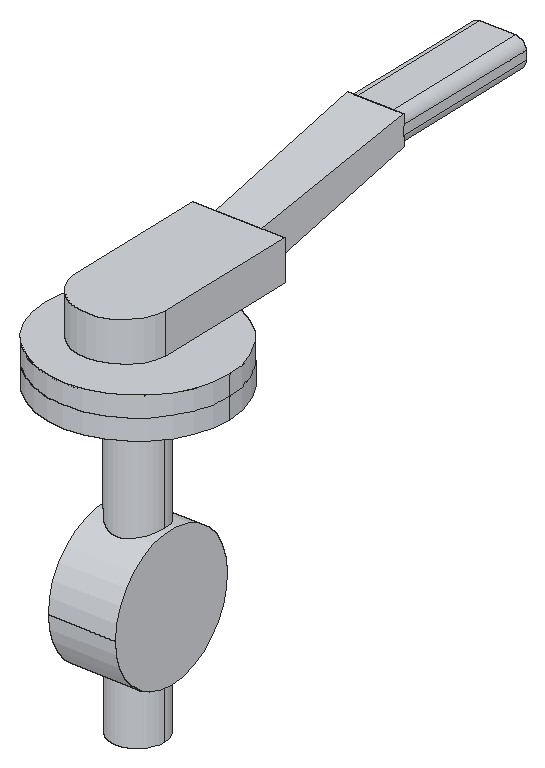
Revit family "HS497-67_disk-litina-s pákou DN032-RFA_2018", category Pipe Accessories, Revit 2018
Family settings
  Round Connector Dimension = Use Diameter
  Part Type = Valve - Breaks Into
  Work Plane-Based = No
  Always vertical = Yes
  Cut with Voids When Loaded = No
  Shared = No
Parameters (values of type "HS 497-67_DN032_PN16_s pákou")
  magiProductId = "9ad8088d610749a1b871aa2aad8007"
  magiProductFamilyId = "53cea81e6f374d17b8841d9c72ad77"
  magiPartTypeId = 305
  isMeasuringValve [instance] = no
  ang2D [instance] = 0.00°
  X11 = 61.456 mm
  X1 = 25.456 mm
  W2D = 1000 mm
  VersionID = "2.0/2017.9.26.1/ZETKAMA_497_001"
  Use Minimum Symbol Size [instance] = yes
  URL = "http://www.hydronic.cz"
  Type Comments = "mezipřírubová; litinový disk; PN16; -10~+110°C (krátkodobě +120°C)"
  SW30 = no
  SW3 = no
  SW21 = no
  SW20 = yes
  SW2 = yes
  SW1 = no
  R = 16 mm
  QmdConnectorList = "301;D;302;D"
  Productdata [instance] = ""
  NC = 50 mm
  Model = ""
  Manufacturer = "Hydronic Systems Prague s.r.o."
  MM20 = 25.456 mm
  MC Product Code = "120 032 (litinový disk, s pákou; DN32; PN16, kvs78)"
  M41 = 66 mm
  M4 = 44 mm
  LHL = 220 mm
  LHH3 = 2.45 mm
  LHH1 = 46.55 mm
  LH1 = 73.333 mm
  L4R__ve = -L4R  # -12.8 mm
  L4R = 12.8 mm
  L42__ve = -L42  # -96 mm
  L42 = 96 mm
  L41__ve = -L41  # -19.2 mm
  L41 = 19.2 mm
  L2D_Min = 3048 mm
  L2D = 216 mm
  L2 = 16.5 mm
  L1 = 26.4 mm
  L = 33 mm
  H = 30 mm
  G22 = 11.25 mm
  G2 = 22.5 mm
  G1 = 90 mm
  G = 90 mm
  F = 11 mm
  E44 = 31.25 mm
  E42 = 62.5 mm
  E4 = 125 mm
  E23 = 4.9 mm
  E22 = 19.6 mm
  E21 = 9.8 mm
  Description = "Mezipřírubová uzavírací klapka s pákou; litinový disk, DN32; PN16; kvs78"
  DR2 = 16 mm
  DR = 68 mm
  DD1 = 15.625 mm
  DD = 12.5 mm
  D = 32 mm
  CAT0 = yes
  B2__ve = -B2  # -44.2 mm
  B2 = 44.2 mm
  A2 = 10.25 mm
  A1 = 76.25 mm
Types (43, lengths in mm): name | magiProductId | X11 | X1 | Type Comments | SW30 | SW3 | SW20 | SW2 | SW1 | R | NC | MM20 | MC Product Code | M41 | M4 | LHL | LHH3 | LHH1 | LH1 | L4R__ve | L4R | L42__ve | L42 | L41__ve | L41 | L2 | L1 | L | H | G | F | E44 | E42 | E4 | E23 | E22 | E21 | Description | DR2 | DR | DD1 | DD | D | B2__ve | B2 | A2 | A1
  HS 497-67_DN100_PN16_volné vřeteno | "65d1b245f4f142c78569c0602d5754" | 61.456 | 25.456 | "mezipřírubová; litinový disk; PN16; -10~+110°C (krátkodobě +120°C)" | no | no | no | no | yes | 50 | 50 | 25.456 | "123 100 (litinový disk, s volným vřetenem; DN100; PN16, kvs512)" | 66 | 44 | 220 | 2.45 | 46.55 | 73.333 | -12.8 | 12.8 | -96 | 96 | -19.2 | 19.2 | 26 | 41.6 | 52 | 30 | 90 | 11 | 31.25 | 62.5 | 125 | 4.9 | 19.6 | 9.8 | "Mezipřírubová uzavírací klapka s volným vřetenem; litinový disk, DN100; PN16; kvs512" | 50 | 147 | 15.625 | 12.5 | 100 | -56 | 56 | 16.5 | 98.5
  HS 497-67_DN100_PN16_převodové kolo | "11e91b807e674d428c8e796fcdcfe2" | 61.456 | 25.456 | "mezipřírubová; litinový disk; PN16; -10~+110°C (krátkodobě +120°C)" | yes | yes | no | no | no | 50 | 50 | 25.456 | "125 100 (litinový disk, s převodovým kolem; DN100; PN16, kvs512)" | 65.25 | 43.5 | 220 | 2.45 | 46.55 | 73.333 | -12.8 | 12.8 | -96 | 96 | -19.2 | 19.2 | 26 | 41.6 | 52 | 30 | 90 | 11 | 31.25 | 62.5 | 125 | 4.9 | 19.6 | 9.8 | "Mezipřírubová uzavírací klapka s převodovým kolem; litinový disk, DN100; PN16; kvs512" | 50 | 147 | 15.625 | 12.5 | 100 | -56 | 56 | 16.5 | 98.5
  HS 497-67_DN100_PN16_s pákou | "28172f0b3f4b47b28323ac71cf8749" | 61.456 | 25.456 | "mezipřírubová; litinový disk; PN16; -10~+110°C (krátkodobě +120°C)" | no | no | yes | yes | no | 50 | 50 | 25.456 | "120 100 (litinový disk, s pákou; DN100; PN16, kvs512)" | 66 | 44 | 260 | 3 | 57 | 86.667 | -12.8 | 12.8 | -96 | 96 | -19.2 | 19.2 | 26 | 41.6 | 52 | 30 | 90 | 11 | 31.25 | 62.5 | 125 | 6 | 24 | 12 | "Mezipřírubová uzavírací klapka s pákou; litinový disk, DN100; PN16; kvs512" | 50 | 147 | 15.625 | 12.5 | 100 | -56 | 56 | 16.5 | 98.5
  HS 497-67_DN125_PN16_volné vřeteno | "0d813d910fc14f628bb3c2efbd185c" | 61.456 | 25.456 | "mezipřírubová; litinový disk; PN16; -10~+110°C (krátkodobě +120°C)" | no | no | no | no | yes | 62.5 | 50 | 25.456 | "123 125 (litinový disk, s volným vřetenem; DN125; PN16, kvs872)" | 66 | 44 | 220 | 2.45 | 46.55 | 73.333 | -12.8 | 12.8 | -96 | 96 | -19.2 | 19.2 | 28 | 44.8 | 56 | 33 | 90 | 14 | 31.25 | 62.5 | 125 | 4.9 | 19.6 | 9.8 | "Mezipřírubová uzavírací klapka s volným vřetenem; litinový disk, DN125; PN16; kvs872" | 62.5 | 180 | 15.625 | 12.5 | 125 | -64 | 64 | 18 | 99.5
  HS 497-67_DN125_PN16_převodové kolo | "c56b7c13f372467684996fb1e0e229" | 61.456 | 25.456 | "mezipřírubová; litinový disk; PN16; -10~+110°C (krátkodobě +120°C)" | yes | yes | no | no | no | 62.5 | 50 | 25.456 | "125 125 (litinový disk, s převodovým kolem; DN125; PN16, kvs872)" | 65.25 | 43.5 | 220 | 2.45 | 46.55 | 73.333 | -13.5 | 13.5 | -101.25 | 101.25 | -20.25 | 20.25 | 28 | 44.8 | 56 | 33 | 90 | 14 | 40 | 80 | 160 | 4.9 | 19.6 | 9.8 | "Mezipřírubová uzavírací klapka s převodovým kolem; litinový disk, DN125; PN16; kvs872" | 62.5 | 180 | 20 | 16 | 125 | -64 | 64 | 18 | 99.5
  HS 497-67_DN125_PN16_s pákou | "105993c79a91492399feef7931321a" | 61.456 | 25.456 | "mezipřírubová; litinový disk; PN16; -10~+110°C (krátkodobě +120°C)" | no | no | yes | yes | no | 62.5 | 50 | 25.456 | "120 125 (litinový disk, s pákou; DN125; PN16, kvs872)" | 66 | 44 | 315 | 3.75 | 71.25 | 105 | -12.8 | 12.8 | -96 | 96 | -19.2 | 19.2 | 28 | 44.8 | 56 | 33 | 90 | 14 | 31.25 | 62.5 | 125 | 7.5 | 30 | 15 | "Mezipřírubová uzavírací klapka s pákou; litinový disk, DN125; PN16; kvs872" | 62.5 | 180 | 15.625 | 12.5 | 125 | -64 | 64 | 18 | 99.5
  HS 497-67_DN150_PN16_volné vřeteno | "50c80cb8ab434f55ab7796e5ac1331" | 61.456 | 25.456 | "mezipřírubová; litinový disk; PN16; -10~+110°C (krátkodobě +120°C)" | no | no | no | no | yes | 75 | 50 | 25.456 | "123 150 (litinový disk, s volným vřetenem; DN150; PN16, kvs1347)" | 66 | 44 | 220 | 2.45 | 46.55 | 73.333 | -12.8 | 12.8 | -96 | 96 | -19.2 | 19.2 | 28 | 44.8 | 56 | 33 | 90 | 14 | 31.25 | 62.5 | 125 | 4.9 | 19.6 | 9.8 | "Mezipřírubová uzavírací klapka s volným vřetenem; litinový disk, DN150; PN16; kvs1347" | 75 | 206 | 15.625 | 12.5 | 150 | -58 | 58 | 19.3 | 98.7
  HS 497-67_DN150_PN16_převodové kolo | "d94a1a0cf83b476eb10011b327f709" | 61.456 | 25.456 | "mezipřírubová; litinový disk; PN16; -10~+110°C (krátkodobě +120°C)" | yes | yes | no | no | no | 75 | 50 | 25.456 | "125 150 (litinový disk, s převodovým kolem; DN150; PN16, kvs1347)" | 65.25 | 43.5 | 220 | 2.45 | 46.55 | 73.333 | -13.5 | 13.5 | -101.25 | 101.25 | -20.25 | 20.25 | 28 | 44.8 | 56 | 33 | 90 | 14 | 40 | 80 | 160 | 4.9 | 19.6 | 9.8 | "Mezipřírubová uzavírací klapka s převodovým kolem; litinový disk, DN150; PN16; kvs1347" | 75 | 206 | 20 | 16 | 150 | -58 | 58 | 19.3 | 98.7
  HS 497-67_DN150_PN16_s pákou | "4d2835523fe84828bc50ff0a5a0dfb" | 61.456 | 25.456 | "mezipřírubová; litinový disk; PN16; -10~+110°C (krátkodobě +120°C)" | no | no | yes | yes | no | 75 | 50 | 25.456 | "120 150 (litinový disk, s pákou; DN150; PN16, kvs1347)" | 66 | 44 | 315 | 3.75 | 71.25 | 105 | -12.8 | 12.8 | -96 | 96 | -19.2 | 19.2 | 28 | 44.8 | 56 | 33 | 90 | 14 | 31.25 | 62.5 | 125 | 7.5 | 30 | 15 | "Mezipřírubová uzavírací klapka s pákou; litinový disk, DN150; PN16; kvs1347" | 75 | 206 | 15.625 | 12.5 | 150 | -58 | 58 | 19.3 | 98.7
  HS 497-67_DN200_PN16_volné vřeteno | "5b29029eaeba47139ee1055a4b9201" | 61.456 | 25.456 | "mezipřírubová; litinový disk; PN16; -10~+110°C (krátkodobě +120°C)" | no | no | no | no | yes | 100 | 50 | 25.456 | "123 200 (litinový disk, s volným vřetenem; DN200; PN16, kvs2675)" | 66 | 44 | 220 | 2.45 | 46.55 | 73.333 | -12.8 | 12.8 | -96 | 96 | -19.2 | 19.2 | 30 | 48 | 60 | 33 | 90 | 17 | 31.25 | 62.5 | 125 | 4.9 | 19.6 | 9.8 | "Mezipřírubová uzavírací klapka s volným vřetenem; litinový disk, DN200; PN16; kvs2675" | 100 | 257 | 15.625 | 12.5 | 200 | -70 | 70 | 22.5 | 102.5
  HS 497-67_DN200_PN16_převodové kolo | "b2793cc1fcc44cf2a35062cd67c04f" | 61.456 | 25.456 | "mezipřírubová; litinový disk; PN16; -10~+110°C (krátkodobě +120°C)" | yes | yes | no | no | no | 100 | 57 | 25.456 | "125 200 (litinový disk, s převodovým kolem; DN200; PN16, kvs2675)" | 78.75 | 52.5 | 220 | 2.45 | 46.55 | 73.333 | -15.2 | 15.2 | -114 | 114 | -22.8 | 22.8 | 30 | 48 | 60 | 33 | 90 | 17 | 50 | 100 | 200 | 4.9 | 19.6 | 9.8 | "Mezipřírubová uzavírací klapka s převodovým kolem; litinový disk, DN200; PN16; kvs2675" | 100 | 257 | 25 | 20 | 200 | -70 | 70 | 22.5 | 102.5
  HS 497-67_DN200_PN16_s pákou | "f88d96c7af224537a51e72d7d8fffe" | 61.456 | 25.456 | "mezipřírubová; litinový disk; PN16; -10~+110°C (krátkodobě +120°C)" | no | no | yes | yes | no | 100 | 50 | 25.456 | "120 200 (litinový disk, s pákou; DN200; PN16, kvs2675)" | 66 | 44 | 315 | 3.75 | 71.25 | 105 | -12.8 | 12.8 | -96 | 96 | -19.2 | 19.2 | 30 | 48 | 60 | 33 | 90 | 17 | 31.25 | 62.5 | 125 | 7.5 | 30 | 15 | "Mezipřírubová uzavírací klapka s pákou; litinový disk, DN200; PN16; kvs2675" | 100 | 257 | 15.625 | 12.5 | 200 | -70 | 70 | 22.5 | 102.5
  HS 497-67_DN250_PN16_volné vřeteno | "b662e8305ca2402b9c510e66e6aa55" | 88.77 | 36.77 | "mezipřírubová; litinový disk; PN16; -10~+110°C (krátkodobě +120°C)" | no | no | no | no | yes | 125 | 50 | 36.77 | "123 250 (litinový disk, s volným vřetenem; DN250; PN16, kvs4555)" | 66 | 44 | 220 | 2.45 | 46.55 | 73.333 | -12.8 | 12.8 | -96 | 96 | -19.2 | 19.2 | 34 | 54.4 | 68 | 23 | 130 | 22 | 31.25 | 62.5 | 125 | 4.9 | 19.6 | 9.8 | "Mezipřírubová uzavírací klapka s volným vřetenem; litinový disk, DN250; PN16; kvs4555" | 125 | 324 | 15.625 | 12.5 | 250 | -85 | 85 | 28.25 | 129.25
  HS 497-67_DN250_PN16_převodové kolo | "5ee9016806664ddfaa2632711f295c" | 88.77 | 36.77 | "mezipřírubová; litinový disk; PN16; -10~+110°C (krátkodobě +120°C)" | yes | yes | no | no | no | 125 | 70 | 36.77 | "125 250 (litinový disk, s převodovým kolem; DN250; PN16, kvs4555)" | 91.5 | 61 | 220 | 2.45 | 46.55 | 73.333 | -22.2 | 22.2 | -166.5 | 166.5 | -33.3 | 33.3 | 34 | 54.4 | 68 | 23 | 130 | 22 | 62.5 | 125 | 250 | 4.9 | 19.6 | 9.8 | "Mezipřírubová uzavírací klapka s převodovým kolem; litinový disk, DN250; PN16; kvs4555" | 125 | 324 | 31.25 | 25 | 250 | -85 | 85 | 28.25 | 129.25
  HS 497-67_DN300_PN16_volné vřeteno | "e1886f51ff004380a649519258edf2" | 88.77 | 36.77 | "mezipřírubová; litinový disk; PN16; -10~+110°C (krátkodobě +120°C)" | no | no | no | no | yes | 150 | 50 | 36.77 | "123 300 (litinový disk, s volným vřetenem; DN300; PN16, kvs7037)" | 66 | 44 | 220 | 2.45 | 46.55 | 73.333 | -12.8 | 12.8 | -96 | 96 | -19.2 | 19.2 | 39 | 62.4 | 78 | 23 | 130 | 22 | 31.25 | 62.5 | 125 | 4.9 | 19.6 | 9.8 | "Mezipřírubová uzavírací klapka s volným vřetenem; litinový disk, DN300; PN16; kvs7037" | 150 | 376 | 15.625 | 12.5 | 300 | -90 | 90 | 30.8 | 127.2
  HS 497-67_DN300_PN16_převodové kolo | "6860f094f77d42088fbebc3c97f755" | 88.77 | 36.77 | "mezipřírubová; litinový disk; PN16; -10~+110°C (krátkodobě +120°C)" | yes | yes | no | no | no | 150 | 70 | 36.77 | "125 300 (litinový disk, s převodovým kolem; DN300; PN16, kvs7037)" | 91.5 | 61 | 220 | 2.45 | 46.55 | 73.333 | -22.2 | 22.2 | -166.5 | 166.5 | -33.3 | 33.3 | 39 | 62.4 | 78 | 23 | 130 | 22 | 62.5 | 125 | 250 | 4.9 | 19.6 | 9.8 | "Mezipřírubová uzavírací klapka s převodovým kolem; litinový disk, DN300; PN16; kvs7037" | 150 | 376 | 31.25 | 25 | 300 | -90 | 90 | 30.8 | 127.2
  HS 497-67_DN032_PN16_volné vřeteno | "8c5f65de52aa4067a77564107e31b2" | 61.456 | 25.456 | "mezipřírubová; litinový disk; PN16; -10~+110°C (krátkodobě +120°C)" | no | no | no | no | yes | 16 | 50 | 25.456 | "123 032 (litinový disk, s volným vřetenem; DN32; PN16, kvs78)" | 66 | 44 | 220 | 2.45 | 46.55 | 73.333 | -12.8 | 12.8 | -96 | 96 | -19.2 | 19.2 | 16.5 | 26.4 | 33 | 30 | 90 | 11 | 31.25 | 62.5 | 125 | 4.9 | 19.6 | 9.8 | "Mezipřírubová uzavírací klapka s volným vřetenem; litinový disk, DN32; PN16; kvs78" | 16 | 68 | 15.625 | 12.5 | 32 | -44.2 | 44.2 | 10.25 | 76.25
  HS 497-67_DN032_PN16_převodové kolo | "60aaeffa8b3a4e809ef000e4660060" | 61.456 | 25.456 | "mezipřírubová; litinový disk; PN16; -10~+110°C (krátkodobě +120°C)" | yes | yes | no | no | no | 16 | 50 | 25.456 | "125 032 (litinový disk, s převodovým kolem; DN32; PN16, kvs78)" | 65.25 | 43.5 | 220 | 2.45 | 46.55 | 73.333 | -12.8 | 12.8 | -96 | 96 | -19.2 | 19.2 | 16.5 | 26.4 | 33 | 30 | 90 | 11 | 31.25 | 62.5 | 125 | 4.9 | 19.6 | 9.8 | "Mezipřírubová uzavírací klapka s převodovým kolem; litinový disk, DN32; PN16; kvs78" | 16 | 68 | 15.625 | 12.5 | 32 | -44.2 | 44.2 | 10.25 | 76.25
  HS 497-67_DN032_PN16_s pákou | "9ad8088d610749a1b871aa2aad8007" | 61.456 | 25.456 | "mezipřírubová; litinový disk; PN16; -10~+110°C (krátkodobě +120°C)" | no | no | yes | yes | no | 16 | 50 | 25.456 | "120 032 (litinový disk, s pákou; DN32; PN16, kvs78)" | 66 | 44 | 220 | 2.45 | 46.55 | 73.333 | -12.8 | 12.8 | -96 | 96 | -19.2 | 19.2 | 16.5 | 26.4 | 33 | 30 | 90 | 11 | 31.25 | 62.5 | 125 | 4.9 | 19.6 | 9.8 | "Mezipřírubová uzavírací klapka s pákou; litinový disk, DN32; PN16; kvs78" | 16 | 68 | 15.625 | 12.5 | 32 | -44.2 | 44.2 | 10.25 | 76.25
  HS 497-67_DN350_PN10_volné vřeteno | "72a1e05f22944421b7e9596a877137" | 109.255 | 45.255 | "mezipřírubová; litinový disk; PN10; -10~+110°C (krátkodobě +120°C)" | no | no | no | no | yes | 175 | 50 | 45.255 | "123 350 (litinový disk, s volným vřetenem; DN350; PN10, kvs10165)" | 66 | 44 | 220 | 2.45 | 46.55 | 73.333 | -12.8 | 12.8 | -96 | 96 | -19.2 | 19.2 | 39 | 62.4 | 78 | 31 | 160 | 22 | 31.25 | 62.5 | 125 | 4.9 | 19.6 | 9.8 | "Mezipřírubová uzavírací klapka s volným vřetenem; litinový disk, DN350; PN10; kvs10165" | 175 | 430 | 15.625 | 12.5 | 350 | -88 | 88 | 33.85 | 129.65
  HS 497-67_DN350_PN10_převodové kolo | "a5a01426cb28494ba3afca92f1dace" | 109.255 | 45.255 | "mezipřírubová; litinový disk; PN10; -10~+110°C (krátkodobě +120°C)" | yes | yes | no | no | no | 175 | 70 | 45.255 | "125 350 (litinový disk, s převodovým kolem; DN350; PN10, kvs10165)" | 91.5 | 61 | 220 | 2.45 | 46.55 | 73.333 | -22.2 | 22.2 | -166.5 | 166.5 | -33.3 | 33.3 | 39 | 62.4 | 78 | 31 | 160 | 22 | 62.5 | 125 | 250 | 4.9 | 19.6 | 9.8 | "Mezipřírubová uzavírací klapka s převodovým kolem; litinový disk, DN350; PN10; kvs10165" | 175 | 430 | 31.25 | 25 | 350 | -88 | 88 | 33.85 | 129.65
  HS 497-67_DN400_PN10_volné vřeteno | "c70ebeb927c04ab99b176e257ad0a7" | 109.255 | 45.255 | "mezipřírubová; litinový disk; PN10; -10~+110°C (krátkodobě +120°C)" | no | no | no | no | yes | 200 | 50 | 45.255 | "123 400 (litinový disk, s volným vřetenem; DN400; PN10, kvs13799)" | 66 | 44 | 220 | 2.45 | 46.55 | 73.333 | -12.8 | 12.8 | -96 | 96 | -19.2 | 19.2 | 51 | 81.6 | 102 | 31 | 160 | 27 | 31.25 | 62.5 | 125 | 4.9 | 19.6 | 9.8 | "Mezipřírubová uzavírací klapka s volným vřetenem; litinový disk, DN400; PN10; kvs13799" | 200 | 485 | 15.625 | 12.5 | 400 | -108 | 108 | 38 | 142
  HS 497-67_DN400_PN10_převodové kolo | "cc64a4384dcb41b780d81810f4f293" | 109.255 | 45.255 | "mezipřírubová; litinový disk; PN10; -10~+110°C (krátkodobě +120°C)" | yes | yes | no | no | no | 200 | 72.5 | 45.255 | "125 400 (litinový disk, s převodovým kolem; DN400; PN10, kvs13799)" | 103.5 | 69 | 220 | 2.45 | 46.55 | 73.333 | -27.8 | 27.8 | -208.5 | 208.5 | -41.7 | 41.7 | 51 | 81.6 | 102 | 31 | 160 | 27 | 75 | 150 | 300 | 4.9 | 19.6 | 9.8 | "Mezipřírubová uzavírací klapka s převodovým kolem; litinový disk, DN400; PN10; kvs13799" | 200 | 485 | 37.5 | 30 | 400 | -108 | 108 | 38 | 142
  HS 497-67_DN040_PN16_volné vřeteno | "35f92312390745e88df5b5c325d9ee" | 61.456 | 25.456 | "mezipřírubová; litinový disk; PN16; -10~+110°C (krátkodobě +120°C)" | no | no | no | no | yes | 20 | 50 | 25.456 | "123 040 (litinový disk, s volným vřetenem; DN40; PN16, kvs78)" | 66 | 44 | 220 | 2.45 | 46.55 | 73.333 | -12.8 | 12.8 | -96 | 96 | -19.2 | 19.2 | 16.5 | 26.4 | 33 | 30 | 90 | 11 | 31.25 | 62.5 | 125 | 4.9 | 19.6 | 9.8 | "Mezipřírubová uzavírací klapka s volným vřetenem; litinový disk, DN40; PN16; kvs78" | 20 | 76 | 15.625 | 12.5 | 40 | -36 | 36 | 11 | 79
  HS 497-67_DN040_PN16_převodové kolo | "d88e968eae3445bc9b7b4e6ff35127" | 61.456 | 25.456 | "mezipřírubová; litinový disk; PN16; -10~+110°C (krátkodobě +120°C)" | yes | yes | no | no | no | 20 | 50 | 25.456 | "125 040 (litinový disk, s převodovým kolem; DN40; PN16, kvs78)" | 65.25 | 43.5 | 220 | 2.45 | 46.55 | 73.333 | -12.8 | 12.8 | -96 | 96 | -19.2 | 19.2 | 16.5 | 26.4 | 33 | 30 | 90 | 11 | 31.25 | 62.5 | 125 | 4.9 | 19.6 | 9.8 | "Mezipřírubová uzavírací klapka s převodovým kolem; litinový disk, DN40; PN16; kvs78" | 20 | 76 | 15.625 | 12.5 | 40 | -36 | 36 | 11 | 79
  HS 497-67_DN040_PN16_s pákou | "c1b522ca65b4407a98818f232eaacb" | 61.456 | 25.456 | "mezipřírubová; litinový disk; PN16; -10~+110°C (krátkodobě +120°C)" | no | no | yes | yes | no | 20 | 50 | 25.456 | "120 040 (litinový disk, s pákou; DN40; PN16, kvs78)" | 66 | 44 | 220 | 2.45 | 46.55 | 73.333 | -12.8 | 12.8 | -96 | 96 | -19.2 | 19.2 | 16.5 | 26.4 | 33 | 30 | 90 | 11 | 31.25 | 62.5 | 125 | 4.9 | 19.6 | 9.8 | "Mezipřírubová uzavírací klapka s pákou; litinový disk, DN40; PN16; kvs78" | 20 | 76 | 15.625 | 12.5 | 40 | -36 | 36 | 11 | 79
  HS 497-67_DN450_PN10_volné vřeteno | "a8358bc282f14872b3194e530e590a" | 129.74 | 53.74 | "mezipřírubová; litinový disk; PN10; -10~+110°C (krátkodobě +120°C)" | no | no | no | no | yes | 225 | 50 | 53.74 | "123 450 (litinový disk, s volným vřetenem; DN450; PN10, kvs18514)" | 66 | 44 | 220 | 2.45 | 46.55 | 73.333 | -12.8 | 12.8 | -96 | 96 | -19.2 | 19.2 | 57 | 91.2 | 114 | 38 | 190 | 36 | 31.25 | 62.5 | 125 | 4.9 | 19.6 | 9.8 | "Mezipřírubová uzavírací klapka s volným vřetenem; litinový disk, DN450; PN10; kvs18514" | 225 | 536 | 15.625 | 12.5 | 450 | -115 | 115 | 38.05 | 117.45
  HS 497-67_DN450_PN10_převodové kolo | "cdf2d80f54a9414f9cbe50647c0ebd" | 129.74 | 53.74 | "mezipřírubová; litinový disk; PN10; -10~+110°C (krátkodobě +120°C)" | yes | yes | no | no | no | 225 | 91.5 | 53.74 | "125 450 (litinový disk, s převodovým kolem; DN450; PN10, kvs18514)" | 144.75 | 96.5 | 220 | 2.45 | 46.55 | 73.333 | -32.1 | 32.1 | -240.75 | 240.75 | -48.15 | 48.15 | 57 | 91.2 | 114 | 38 | 190 | 36 | 100 | 200 | 400 | 4.9 | 19.6 | 9.8 | "Mezipřírubová uzavírací klapka s převodovým kolem; litinový disk, DN450; PN10; kvs18514" | 225 | 536 | 50 | 40 | 450 | -115 | 115 | 38.05 | 117.45
  HS 497-67_DN500_PN10_volné vřeteno | "8c396e27bb2743f98f3c762b6517cd" | 143.397 | 59.397 | "mezipřírubová; litinový disk; PN10; -10~+110°C (krátkodobě +120°C)" | no | no | no | no | yes | 250 | 50 | 59.397 | "123 500 (litinový disk, s volným vřetenem; DN500; PN10, kvs23805)" | 66 | 44 | 220 | 2.45 | 46.55 | 73.333 | -12.8 | 12.8 | -96 | 96 | -19.2 | 19.2 | 63.5 | 101.6 | 127 | 38 | 210 | 36 | 31.25 | 62.5 | 125 | 4.9 | 19.6 | 9.8 | "Mezipřírubová uzavírací klapka s volným vřetenem; litinový disk, DN500; PN10; kvs23805" | 250 | 593 | 15.625 | 12.5 | 500 | -130 | 130 | 43.25 | 139.25
  HS 497-67_DN500_PN10_převodové kolo | "7647804f32e94cef828a7034a91a46" | 143.397 | 59.397 | "mezipřírubová; litinový disk; PN10; -10~+110°C (krátkodobě +120°C)" | yes | yes | no | no | no | 250 | 91.5 | 59.397 | "125 500 (litinový disk, s převodovým kolem; DN500; PN10, kvs23805)" | 144.75 | 96.5 | 220 | 2.45 | 46.55 | 73.333 | -32.1 | 32.1 | -240.75 | 240.75 | -48.15 | 48.15 | 63.5 | 101.6 | 127 | 38 | 210 | 36 | 100 | 200 | 400 | 4.9 | 19.6 | 9.8 | "Mezipřírubová uzavírací klapka s převodovým kolem; litinový disk, DN500; PN10; kvs23805" | 250 | 593 | 50 | 40 | 500 | -130 | 130 | 43.25 | 139.25
  HS 497-67_DN050_volné vřeteno | "d71f296ecd6d4adf8f6e5d9853b4e0" | 61.456 | 25.456 | "mezipřírubová; litinový disk; PN16; -10~+110°C (krátkodobě +120°C)" | no | no | no | no | yes | 25 | 50 | 25.456 | "123 050 (litinový disk, s volným vřetenem; DN50; PN16, kvs98)" | 66 | 44 | 220 | 2.45 | 46.55 | 73.333 | -12.8 | 12.8 | -96 | 96 | -19.2 | 19.2 | 21.5 | 34.4 | 43 | 30 | 90 | 11 | 31.25 | 62.5 | 125 | 4.9 | 19.6 | 9.8 | "Mezipřírubová uzavírací klapka s volným vřetenem; litinový disk, DN50; PN16; kvs98" | 25 | 100 | 15.625 | 12.5 | 50 | -36.5 | 36.5 | 12 | 83
  HS 497-67_DN050_PN16_převodové kolo | "2fb080deeaed49c58418b94c1da5a4" | 61.456 | 25.456 | "mezipřírubová; litinový disk; PN16; -10~+110°C (krátkodobě +120°C)" | yes | yes | no | no | no | 25 | 50 | 25.456 | "125 050 (litinový disk, s převodovým kolem; DN50; PN16, kvs98)" | 65.25 | 43.5 | 220 | 2.45 | 46.55 | 73.333 | -12.8 | 12.8 | -96 | 96 | -19.2 | 19.2 | 21.5 | 34.4 | 43 | 30 | 90 | 11 | 31.25 | 62.5 | 125 | 4.9 | 19.6 | 9.8 | "Mezipřírubová uzavírací klapka s převodovým kolem; litinový disk, DN50; PN16; kvs98" | 25 | 100 | 15.625 | 12.5 | 50 | -36.5 | 36.5 | 12 | 83
  HS 497-67_DN050_PN16_s pákou | "dabc632061f94877a994b9b4e68112" | 61.456 | 25.456 | "mezipřírubová; litinový disk; PN16; -10~+110°C (krátkodobě +120°C)" | no | no | yes | yes | no | 25 | 50 | 25.456 | "120 050 (litinový disk, s pákou; DN50; PN16, kvs98)" | 66 | 44 | 220 | 2.45 | 46.55 | 73.333 | -12.8 | 12.8 | -96 | 96 | -19.2 | 19.2 | 21.5 | 34.4 | 43 | 30 | 90 | 11 | 31.25 | 62.5 | 125 | 4.9 | 19.6 | 9.8 | "Mezipřírubová uzavírací klapka s pákou; litinový disk, DN50; PN16; kvs98" | 25 | 100 | 15.625 | 12.5 | 50 | -36.5 | 36.5 | 12 | 83
  HS 497-67_DN600_PN10_volné vřeteno | "99d5892c14664fce81a7c5903f7711" | 143.397 | 59.397 | "mezipřírubová; litinový disk; PN10; -10~+110°C (krátkodobě +120°C)" | no | no | no | no | yes | 300 | 50 | 59.397 | "123 600 (litinový disk, s volným vřetenem; DN600; PN10, kvs36778)" | 66 | 44 | 220 | 2.45 | 46.55 | 73.333 | -12.8 | 12.8 | -96 | 96 | -19.2 | 19.2 | 77 | 123.2 | 154 | 80 | 210 | 60 | 31.25 | 62.5 | 125 | 4.9 | 19.6 | 9.8 | "Mezipřírubová uzavírací klapka s volným vřetenem; litinový disk, DN600; PN10; kvs36788" | 300 | 690 | 15.625 | 12.5 | 600 | -140 | 140 | 49.4 | 144.6
  HS 497-67_DN600_PN10_převodové kolo | "b1e26faab48a4c499f6bb11e7e3002" | 143.397 | 59.397 | "mezipřírubová; litinový disk; PN10; -10~+110°C (krátkodobě +120°C)" | yes | yes | no | no | no | 300 | 140 | 59.397 | "125 600 (litinový disk, s převodovým kolem; DN600; PN10, kvs36778)" | 206.25 | 137.5 | 220 | 2.45 | 46.55 | 73.333 | -40.8 | 40.8 | -306 | 306 | -61.2 | 61.2 | 77 | 123.2 | 154 | 80 | 210 | 60 | 125 | 250 | 500 | 4.9 | 19.6 | 9.8 | "Mezipřírubová uzavírací klapka s převodovým kolem; litinový disk, DN600; PN10; kvs36788" | 300 | 690 | 62.5 | 50 | 600 | -140 | 140 | 49.4 | 144.6
  HS 497-67_DN065_PN16_volné vřeteno | "5e5e208646e34ec29f889baab5d08e" | 61.456 | 25.456 | "mezipřírubová; litinový disk; PN16; -10~+110°C (krátkodobě +120°C)" | no | no | no | no | yes | 32.5 | 50 | 25.456 | "123 065 (litinový disk, s volným vřetenem; DN65; PN16, kvs167)" | 66 | 44 | 220 | 2.45 | 46.55 | 73.333 | -12.8 | 12.8 | -96 | 96 | -19.2 | 19.2 | 23 | 36.8 | 46 | 30 | 90 | 11 | 31.25 | 62.5 | 125 | 4.9 | 19.6 | 9.8 | "Mezipřírubová uzavírací klapka s volným vřetenem; litinový disk, DN65; PN16; kv167" | 32.5 | 108 | 15.625 | 12.5 | 65 | -36.5 | 36.5 | 13.5 | 89
  HS 497-67_DN065_PN16_převodové kolo | "654d74c8d15540b0bfe523d988ccb3" | 61.456 | 25.456 | "mezipřírubová; litinový disk; PN16; -10~+110°C (krátkodobě +120°C)" | yes | yes | no | no | no | 32.5 | 50 | 25.456 | "125 065 (litinový disk, s převodovým kolem; DN65; PN16, kvs167)" | 65.25 | 43.5 | 220 | 2.45 | 46.55 | 73.333 | -12.8 | 12.8 | -96 | 96 | -19.2 | 19.2 | 23 | 36.8 | 46 | 30 | 90 | 11 | 31.25 | 62.5 | 125 | 4.9 | 19.6 | 9.8 | "Mezipřírubová uzavírací klapka s převodovým kolem; litinový disk, DN65; PN16; kvs167" | 32.5 | 108 | 15.625 | 12.5 | 65 | -36.5 | 36.5 | 13.5 | 89
  HS 497-67_DN065_PN16_s pákou | "ebeb4b59db0641caaf6d6635ab37b9" | 61.456 | 25.456 | "mezipřírubová; litinový disk; PN16; -10~+110°C (krátkodobě +120°C)" | no | no | yes | yes | no | 32.5 | 50 | 25.456 | "120 065 (litinový disk, s pákou; DN65; PN16, kvs167)" | 66 | 44 | 220 | 2.45 | 46.55 | 73.333 | -12.8 | 12.8 | -96 | 96 | -19.2 | 19.2 | 23 | 36.8 | 46 | 30 | 90 | 11 | 31.25 | 62.5 | 125 | 4.9 | 19.6 | 9.8 | "Mezipřírubová uzavírací klapka s pákou; litinový disk, DN65; PN16; kvs167" | 32.5 | 108 | 15.625 | 12.5 | 65 | -36.5 | 36.5 | 13.5 | 89
  HS 497-67_DN080_PN16_volné vřeteno | "9e85c75c18654e1185a9c48ed6b00e" | 61.456 | 25.456 | "mezipřírubová; litinový disk; PN16; -10~+110°C (krátkodobě +120°C)" | no | no | no | no | yes | 40 | 50 | 25.456 | "123 080 (litinový disk, s volným vřetenem; DN80; PN16, kvs258)" | 66 | 44 | 220 | 2.45 | 46.55 | 73.333 | -12.8 | 12.8 | -96 | 96 | -19.2 | 19.2 | 23 | 36.8 | 46 | 30 | 90 | 11 | 31.25 | 62.5 | 125 | 4.9 | 19.6 | 9.8 | "Mezipřírubová uzavírací klapka s volným vřetenem; litinový disk, DN80; PN16; kvs258" | 40 | 124 | 15.625 | 12.5 | 80 | -54 | 54 | 14.1 | 86.9
  HS 497-67_DN080_PN16_převodové kolo | "5b3c8238c3d041e68c75b199e7ea46" | 61.456 | 25.456 | "mezipřírubová; litinový disk; PN16; -10~+110°C (krátkodobě +120°C)" | yes | yes | no | no | no | 40 | 50 | 25.456 | "125 080 (litinový disk, s převodovým kolem; DN80; PN16, kvs258)" | 65.25 | 43.5 | 220 | 2.45 | 46.55 | 73.333 | -12.8 | 12.8 | -96 | 96 | -19.2 | 19.2 | 23 | 36.8 | 46 | 30 | 90 | 11 | 31.25 | 62.5 | 125 | 4.9 | 19.6 | 9.8 | "Mezipřírubová uzavírací klapka s převodovým kolem; litinový disk, DN80; PN16; kvs258" | 40 | 124 | 15.625 | 12.5 | 80 | -54 | 54 | 14.1 | 86.9
  HS 497-67_DN080_PN16_s pákou | "e414795fab0f4eccb99bc3572c5477" | 61.456 | 25.456 | "mezipřírubová; litinový disk; PN16; -10~+110°C (krátkodobě +120°C)" | no | no | yes | yes | no | 40 | 50 | 25.456 | "120 080 (litinový disk, s pákou; DN80; PN16, kvs258)" | 66 | 44 | 260 | 3 | 57 | 86.667 | -12.8 | 12.8 | -96 | 96 | -19.2 | 19.2 | 23 | 36.8 | 46 | 30 | 90 | 11 | 31.25 | 62.5 | 125 | 6 | 24 | 12 | "Mezipřírubová uzavírací klapka s pákou; litinový disk, DN80; PN16; kvs258" | 40 | 124 | 15.625 | 12.5 | 80 | -54 | 54 | 14.1 | 86.9
  HS 497-67_DN250_PN16_s pákou | "" | 88.77 | 36.77 | "mezipřírubová; litinový disk; PN16; -10~+110°C (krátkodobě +120°C)" | no | no | yes | yes | no | 125 | 70 | 36.77 | "120 250 (litinový disk, s pákou; DN250; PN16, kvs4555)" | 91.5 | 61 | 220 | 2.45 | 46.55 | 73.333 | -22.2 | 22.2 | -166.5 | 166.5 | -33.3 | 33.3 | 34 | 54.4 | 68 | 23 | 130 | 22 | 62.5 | 125 | 250 | 4.9 | 19.6 | 9.8 | "Mezipřírubová uzavírací klapka s pákou; litinový disk, DN250; PN16; kvs4555" | 125 | 324 | 31.25 | 25 | 250 | -85 | 85 | 28.25 | 129.25
  HS 497-67_DN300_PN16_s pákou | "" | 88.77 | 36.77 | "mezipřírubová; litinový disk; PN16; -10~+110°C (krátkodobě +120°C)" | no | no | yes | yes | no | 150 | 70 | 36.77 | "120 300 (litinový disk, s pákou; DN300; PN16, kvs7037)" | 91.5 | 61 | 220 | 2.45 | 46.55 | 73.333 | -22.2 | 22.2 | -166.5 | 166.5 | -33.3 | 33.3 | 39 | 62.4 | 78 | 23 | 130 | 22 | 62.5 | 125 | 250 | 4.9 | 19.6 | 9.8 | "Mezipřírubová uzavírací klapka s pákou; litinový disk, DN300; PN16; kvs7037" | 150 | 376 | 31.25 | 25 | 300 | -90 | 90 | 30.8 | 127.2
Reference planes
  plane 1 "Center (Front/Back)": y = 0
  plane 2 "XYPLANE": z = 0
  plane 3 "Center (Left/Right)": x = 0
  plane 4 "473": x = -25.456
  plane 5 "472": x = -66
  plane 6 "471": y = -25.456
  plane 7 "470": y = 25.456
  plane 8 "469": x = -44
  plane 9 "468": y = -115.2
  plane 10 "467": y = -96
  plane 11 "466": z = 133.75
  plane 12 "465": z = 149.05
  plane 13 "464": y = 145.417
  plane 14 "463": z = 139.25
  plane 15 "462": z = 122.1
  plane 16 "461": z = 131.9
  plane 17 "460": y = 72.083
  plane 18 "459": x = -11.25
  plane 19 "458": x = 11.25
  plane 20 "457": y = -6.25
  plane 21 "456": x = -17.5
  plane 22 "455": x = 17.5
  plane 23 "454": z = 136.8
  plane 24 "453": y = 62.083
  plane 25 "452": y = -11.25
  plane 26 "451": x = -22.5
  plane 27 "450": x = 22.5
  plane 28 "449": z = 117.2
  plane 29 "448": z = 112.3
  plane 30 "447": z = -16
  plane 31 "446": z = 102.5
  plane 32 "445": z = 92.25
  plane 33 "444": z = 16
  plane 34 "443": x = 16.5
  plane 35 "442": x = -16.5
  plane 36 "441": z = 0
  plane 37 "440": y = 0
  plane 38 "439": x = 0
  plane 39 "438": z = 151.5
  plane 40 "437": z = 136.8
  plane 41 "436": x = 13.7
  plane 42 "435": x = -13.7
  plane 43 "434": y = 220
Forms (mm)
  Extrusion 1, solid, visible <- "SW3"
    sketch origin (-750, 0, 102.5) x (1, 0, 0) y (0, 1, 0)
      loop
        line (684, 25.456) -> (684, -25.456) -> (724.544, -25.456)
        arc (724.544, -25.456) -> (786, 0) -> (724.544, 25.456) r 36
        line (724.544, 25.456) -> (684, 25.456)
    from 0 to 62.5 <- "E42"
  Extrusion 2, solid, visible <- "SW30"
    sketch origin (0, -750, 0) x (0, 1, 0) y (0, 0, 1)
      loop
        circle (750, 133.75) r 7.813
    from 0 to 50 <- "NC"
  Extrusion 3, solid, visible <- "SW30"
    sketch origin (750, -115.2, 0) x (-1, 0, 0) y (0, 0, 1)
      loop
        circle (794, 133.75) r 62.5
    from 0 to -12.8 <- "L4R__ve"
  Extrusion 4, solid, visible <- "SW3"
    sketch origin (750, -96, 0) x (-1, 0, 0) y (0, 0, 1)
      loop
        circle (794, 133.75) r 7.813
    from 0 to -19.2 <- "L41__ve"
  Extrusion 5, solid, visible <- "SW30"
    sketch origin (750, 0, 0) x (-1, 0, 0) y (0, 0, 1)
      loop
        circle (794, 133.75) r 6.25
    from 0 to -96 <- "L42__ve"
  Blend 6, solid, visible <- "SW21"
    base sketch origin (750, 72.083, 0) x (-1, 0, 0) y (0, 0, 1)
      loop
        line (761.25, 131.9) -> (738.75, 131.9) -> (738.75, 122.1) -> (761.25, 122.1) -> (761.25, 131.9)
    top sketch origin (750, 72.083, 0) x (-1, 0, 0) y (0, 0, 1)
      loop
        line (761.25, 149.05) -> (738.75, 149.05) -> (738.75, 139.25) -> (761.25, 139.25) -> (761.25, 149.05)
    from 0 to 73.333
  Blend 7, solid, visible <- "SW21"
    base sketch origin (750, 62.083, 0) x (-1, 0, 0) y (0, 0, 1)
      loop
        line (761.25, 136.8) -> (738.75, 136.8) -> (738.75, 117.2) -> (761.25, 117.2) -> (761.25, 136.8)
    top sketch origin (750, 62.083, 0) x (-1, 0, 0) y (0, 0, 1)
      loop
        line (761.25, 131.9) -> (738.75, 131.9) -> (738.75, 122.1) -> (761.25, 122.1) -> (761.25, 131.9)
    from 0 to 10
  Blend 8, solid, visible <- "SW21"
    base sketch origin (-750, 0, 117.2) x (1, 0, 0) y (0, 1, 0)
      loop
        line (772.5, 62.083) -> (727.5, 62.083) -> (727.5, -11.25)
        arc (727.5, -11.25) -> (750, -31.25) -> (772.5, -11.25) r 22.656
        line (772.5, -11.25) -> (772.5, 62.083)
    top sketch origin (-750, 0, 117.2) x (1, 0, 0) y (0, 1, 0)
      loop
        line (767.5, 62.083) -> (732.5, 62.083) -> (732.5, -6.25)
        arc (732.5, -6.25) -> (750, -26.25) -> (767.5, -6.25) r 17.656
        line (767.5, -6.25) -> (767.5, 62.083)
    from 0 to 19.6
  Extrusion 9, solid, visible <- "SW2"
    sketch origin (-750, 0, 112.3) x (1, 0, 0) y (0, 1, 0)
      loop
        circle (750, 0) r 11.25
    from 0 to 4.9 <- "E23"
  Extrusion 10, solid, visible <- "SW2"
    sketch origin (-750, 0, 102.5) x (1, 0, 0) y (0, 1, 0)
      loop
        circle (750, 0) r 45
    from 0 to 9.8 <- "E21"
  Extrusion 11, solid, visible <- "CAT0"
    sketch origin (-750, 0, -16) x (1, 0, 0) y (0, 1, 0)
      loop
        circle (750, 0) r 13.2
    from 0 to -44.2 <- "B2__ve"
  Extrusion 12, solid, visible <- "CAT0"
    sketch origin (-750, 0, 92.25) x (1, 0, 0) y (0, 1, 0)
      loop
        circle (750, 0) r 45
    from 0 to 10.25 <- "A2"
  Extrusion 13, solid, visible <- "CAT0"
    sketch origin (-750, 0, 16) x (1, 0, 0) y (0, 1, 0)
      loop
        circle (750, 0) r 13.2
    from 0 to 76.25 <- "A1"
  Extrusion 14, solid, visible <- "CAT0"
    sketch origin (-16.5, -750, 0) x (0, 1, 0) y (0, 0, 1)
      loop
        circle (750, 0) r 34
    from 0 to 33 <- "L"
  Extrusion 15, solid, visible <- "SW1"
    sketch origin (-750, 0, 102.5) x (1, 0, 0) y (0, 1, 0)
      loop
        line (755.5, 5.5) -> (744.5, 5.5) -> (744.5, -5.5) -> (755.5, -5.5) -> (755.5, 5.5)
    from 0 to 30 <- "H"
  Blend 16, solid, visible <- "SW2"
    base sketch origin (750, 145.417, 0) x (-1, 0, 0) y (0, 0, 1)
      loop
        arc (763.7, 146.5) -> (762.236, 150.036) -> (758.7, 151.5) r 5
        line (758.7, 151.5) -> (741.3, 151.5)
        arc (741.3, 151.5) -> (737.764, 150.036) -> (736.3, 146.5) r 5
        line (736.3, 146.5) -> (736.3, 141.8)
        arc (736.3, 141.8) -> (737.764, 138.264) -> (741.3, 136.8) r 5
        line (741.3, 136.8) -> (758.7, 136.8)
        arc (758.7, 136.8) -> (762.236, 138.264) -> (763.7, 141.8) r 5
        line (763.7, 141.8) -> (763.7, 146.5)
    top sketch origin (750, 145.417, 0) x (-1, 0, 0) y (0, 0, 1)
      loop
        arc (763.7, 146.5) -> (762.236, 150.036) -> (758.7, 151.5) r 5
        line (758.7, 151.5) -> (741.3, 151.5)
        arc (741.3, 151.5) -> (737.764, 150.036) -> (736.3, 146.5) r 5
        line (736.3, 146.5) -> (736.3, 141.8)
        arc (736.3, 141.8) -> (737.764, 138.264) -> (741.3, 136.8) r 5
        line (741.3, 136.8) -> (758.7, 136.8)
        arc (758.7, 136.8) -> (762.236, 138.264) -> (763.7, 141.8) r 5
        line (763.7, 141.8) -> (763.7, 146.5)
    from 0 to 74.583
  Blend 17, solid, visible <- "SW20"
    base sketch origin (750, 145.417, 0) x (-1, 0, 0) y (0, 0, 1)
      loop
        line (763.7, 151.5) -> (736.3, 151.5) -> (736.3, 136.8) -> (763.7, 136.8) -> (763.7, 151.5)
    top sketch origin (750, 145.417, 0) x (-1, 0, 0) y (0, 0, 1)
      loop
        line (761.25, 136.8) -> (738.75, 136.8) -> (738.75, 117.2) -> (761.25, 117.2) -> (761.25, 136.8)
    from 0 to -83.333
  Extrusion 18, solid, visible <- "SW20"
    sketch origin (-750, 0, 117.2) x (1, 0, 0) y (0, 1, 0)
      loop
        line (772.5, 62.083) -> (727.5, 62.083) -> (727.5, -11.25)
        arc (727.5, -11.25) -> (750, -31.25) -> (772.5, -11.25) r 22.656
        line (772.5, -11.25) -> (772.5, 62.083)
    from 0 to 19.6 <- "E22"
  Extrusion 19, solid, not visible
    sketch origin (-16.5, -750, 0) x (0, 1, 0) y (0, 0, 1)
      loop
        circle (750, 0) r 10
    from 0 to 10
  Extrusion 20, solid, not visible
    sketch origin (16.5, -750, 0) x (0, 1, 0) y (0, 0, 1)
      loop
        circle (750, 0) r 10
    from 0 to -10
Lines and regions (mm)
  reference lines, not visible
    curve 1: circle (2, 2, 0) r 1 normal (0, 0, 1)
  reference lines
    curve 2: line (-25.456, -25.456, 102.5) -> (-25.456, 25.456, 102.5)
    curve 3: line (-17.5, -6.25, 117.2) -> (17.5, -6.25, 117.2)
    curve 4: line (-22.5, -11.25, 117.2) -> (22.5, -11.25, 117.2)
    curve 5: circle (0, 0, 102.5) r 1 normal (0, 0, 1)
    curve 6: line (-22.5, -11.25, 117.2) -> (22.5, -11.25, 117.2)
Dimensions and locks
  plane 1 "Center (Front/Back)" to curve 1 = 2 mm
  "X1": plane 3 "Center (Left/Right)" to plane 4 "473"
  "M41": plane 3 "Center (Left/Right)" to plane 5 "472"
  "MM20": plane 1 "Center (Front/Back)" to plane 6 "471"
  "MM20": plane 1 "Center (Front/Back)" to plane 7 "470"
  "M4": plane 3 "Center (Left/Right)" to plane 8 "469"
  "L41": plane 10 "467" to plane 9 "468"
  "L42": plane 1 "Center (Front/Back)" to plane 10 "467"
  "E44": plane 31 "446" to plane 11 "466"
  "LHH1": plane 31 "446" to plane 12 "465"
  "LH1": plane 17 "460" to plane 13 "464"
  "E21": plane 12 "465" to plane 14 "463"
  "E21": plane 16 "461" to plane 15 "462"
  "E23": plane 23 "454" to plane 16 "461"
  locked: plane 24 "453" to plane 17 "460" at 10
  "G22": plane 3 "Center (Left/Right)" to plane 18 "459"
  "G22": plane 3 "Center (Left/Right)" to plane 19 "458"
  locked: plane 25 "452" to plane 20 "457" at 5
  locked: plane 26 "451" to plane 21 "456" at 5
  locked: plane 27 "450" to plane 22 "455" at 5
  "E22": plane 28 "449" to plane 23 "454"
  "LH1": plane 25 "452" to plane 24 "453"
  "G22": plane 1 "Center (Front/Back)" to plane 25 "452"
  "G2": plane 3 "Center (Left/Right)" to plane 26 "451"
  "G2": plane 3 "Center (Left/Right)" to plane 27 "450"
  "E23": plane 29 "448" to plane 28 "449"
  "E21": plane 31 "446" to plane 29 "448"
  "R": plane 2 "XYPLANE" to plane 30 "447"
  "A2": plane 32 "445" to plane 31 "446"
  "A1": plane 33 "444" to plane 32 "445"
  "DR2": plane 2 "XYPLANE" to plane 33 "444"
  "L2": plane 3 "Center (Left/Right)" to plane 34 "443"
  "L2": plane 3 "Center (Left/Right)" to plane 35 "442"
  locked: plane 2 "XYPLANE" to plane 36 "441"
  locked: plane 1 "Center (Front/Back)" to plane 37 "440"
  locked: plane 3 "Center (Left/Right)" to plane 38 "439"
  "LHH3": plane 12 "465" to plane 39 "438"
  "LHH3": plane 14 "463" to plane 40 "437"
  "LHH3": plane 19 "458" to plane 41 "436"
  "LHH3": plane 18 "459" to plane 42 "435"
  "LHL": plane 1 "Center (Front/Back)" to plane 43 "434"
  "X11": curve 2 to Extrusion 1 sketch curve
  Extrusion 1 sketch curve to Extrusion 1 sketch curve = 0 mm  (x8)
  Blend 6 sketch curve to Blend 6 sketch curve = 0 mm  (x16)
  Blend 7 sketch curve to Blend 7 sketch curve = 0 mm  (x16)
  Blend 8 sketch curve to Blend 8 sketch curve = 0 mm  (x16)
  equal spacing: Extrusion 15 sketch curve, curve 5, Extrusion 15 sketch curve  (x2)
  "F": Extrusion 15 sketch curve to Extrusion 15 sketch curve  (x2)
  Blend 16 sketch curve to Blend 16 sketch curve = 0 mm  (x32)
  Blend 17 sketch curve to Blend 17 sketch curve = 0 mm  (x16)
  Extrusion 18 sketch curve to Extrusion 18 sketch curve = 0 mm  (x8)
  "DD1": diameter of Extrusion 2 sketch curve
  "E4": diameter of Extrusion 3 sketch curve
  "DD1": diameter of Extrusion 4 sketch curve
  "DD": diameter of Extrusion 5 sketch curve
  "G2": diameter of Extrusion 9 sketch curve
  "G1": diameter of Extrusion 10 sketch curve
  "L1": diameter of Extrusion 11 sketch curve
  "G": diameter of Extrusion 12 sketch curve
  "L1": diameter of Extrusion 13 sketch curve
  "DR": diameter of Extrusion 14 sketch curve
  radius of Blend 16 sketch curve = 5 mm  (x8)
  aligned and locked: level to plane 2 "XYPLANE"
  aligned and locked: Extrusion 1 sketch curve to plane 5 "472"
  aligned and locked: plane 7 "470" to Extrusion 1 sketch curve
  aligned and locked: plane 6 "471" to Extrusion 1 sketch curve
  aligned and locked: plane 5 "472" to Extrusion 1 sketch curve
  aligned and locked: plane 4 "473" to Extrusion 1 sketch curve  (x2)
  aligned and locked: plane 4 "473" to curve 2
  aligned and locked: plane 6 "471" to curve 2
  aligned and locked: plane 7 "470" to curve 2
  aligned and locked: Extrusion 1 sketch curve to plane 7 "470"
  aligned and locked: plane 11 "466" to Extrusion 2 sketch curve
  aligned and locked: plane 37 "440" to Extrusion 2 sketch curve
  aligned and locked: plane 8 "469" to Extrusion 3 sketch curve
  aligned and locked: plane 11 "466" to Extrusion 3 sketch curve
  aligned and locked: plane 8 "469" to Extrusion 4 sketch curve
  aligned and locked: plane 11 "466" to Extrusion 4 sketch curve
  aligned and locked: plane 8 "469" to Extrusion 5 sketch curve
  aligned and locked: plane 11 "466" to Extrusion 5 sketch curve
  aligned and locked: plane 12 "465" to Blend 6 sketch curve  (x2)
  aligned and locked: plane 18 "459" to Blend 6 sketch curve  (x4)
  aligned and locked: plane 19 "458" to Blend 6 sketch curve  (x4)
  aligned and locked: plane 14 "463" to Blend 6 sketch curve  (x2)
  aligned and locked: plane 16 "461" to Blend 6 sketch curve  (x2)
  aligned and locked: plane 15 "462" to Blend 6 sketch curve  (x2)
  aligned and locked: plane 13 "464" to Blend 6
  aligned and locked: plane 16 "461" to Blend 7 sketch curve  (x2)
  aligned and locked: plane 18 "459" to Blend 7 sketch curve  (x4)
  aligned and locked: plane 19 "458" to Blend 7 sketch curve  (x4)
  aligned and locked: plane 15 "462" to Blend 7 sketch curve  (x2)
  aligned and locked: plane 23 "454" to Blend 7 sketch curve  (x2)
  aligned and locked: plane 28 "449" to Blend 7 sketch curve  (x2)
  aligned and locked: plane 17 "460" to Blend 7
  aligned and locked: plane 24 "453" to Blend 8 sketch curve  (x4)
  aligned and locked: plane 22 "455" to Blend 8 sketch curve  (x2)
  aligned and locked: plane 21 "456" to Blend 8 sketch curve
  aligned and locked: plane 20 "457" to Blend 8 sketch curve  (x2)
  aligned and locked: curve 3 to plane 20 "457"
  aligned and locked: plane 21 "456" to curve 3
  aligned and locked: plane 22 "455" to curve 3
  aligned and locked: plane 27 "450" to Blend 8 sketch curve  (x2)
  aligned and locked: plane 26 "451" to Blend 8 sketch curve
  aligned and locked: plane 25 "452" to Blend 8 sketch curve  (x2)
  aligned and locked: curve 4 to plane 25 "452"
  aligned and locked: plane 26 "451" to curve 4
  aligned and locked: plane 27 "450" to curve 4
  aligned and locked: plane 23 "454" to Blend 8
  aligned and locked: plane 37 "440" to Extrusion 9 sketch curve
  aligned and locked: plane 38 "439" to Extrusion 9 sketch curve
  aligned and locked: plane 37 "440" to Extrusion 10 sketch curve
  aligned and locked: plane 38 "439" to Extrusion 10 sketch curve
  aligned and locked: plane 37 "440" to Extrusion 11 sketch curve
  aligned and locked: plane 38 "439" to Extrusion 11 sketch curve
  aligned and locked: plane 37 "440" to Extrusion 12 sketch curve
  aligned and locked: plane 38 "439" to Extrusion 12 sketch curve
  aligned and locked: plane 37 "440" to Extrusion 13 sketch curve
  aligned and locked: plane 38 "439" to Extrusion 13 sketch curve
  aligned and locked: plane 36 "441" to Extrusion 14 sketch curve
  aligned and locked: Extrusion 14 sketch curve to plane 37 "440"
  aligned and locked: plane 37 "440" to curve 5
  aligned and locked: plane 38 "439" to curve 5
  aligned and locked: plane 39 "438" to Blend 16 sketch curve  (x2)
  aligned and locked: plane 41 "436" to Blend 16 sketch curve  (x2)
  aligned and locked: Blend 16 sketch curve to plane 40 "437"  (x2)
  aligned and locked: Blend 16 sketch curve to plane 42 "435"  (x2)
  aligned and locked: plane 43 "434" to Blend 16
  aligned and locked: plane 23 "454" to Blend 17 sketch curve  (x2)
  aligned and locked: plane 18 "459" to Blend 17 sketch curve  (x2)
  aligned and locked: plane 19 "458" to Blend 17 sketch curve  (x2)
  aligned and locked: plane 28 "449" to Blend 17 sketch curve  (x2)
  aligned and locked: plane 39 "438" to Blend 17 sketch curve  (x2)
  aligned and locked: plane 42 "435" to Blend 17 sketch curve  (x2)
  aligned and locked: plane 41 "436" to Blend 17 sketch curve  (x2)
  aligned and locked: plane 40 "437" to Blend 17 sketch curve  (x2)
  aligned and locked: Blend 17 to plane 24 "453"
  aligned and locked: plane 24 "453" to Extrusion 18 sketch curve  (x2)
  aligned and locked: plane 27 "450" to Extrusion 18 sketch curve  (x2)
  aligned and locked: plane 26 "451" to Extrusion 18 sketch curve
  aligned and locked: plane 25 "452" to Extrusion 18 sketch curve  (x2)
  aligned and locked: curve 6 to plane 25 "452"
  aligned and locked: plane 26 "451" to curve 6
  aligned and locked: plane 27 "450" to curve 6
  aligned and locked: plane 36 "441" to Extrusion 19 sketch curve
  aligned and locked: Extrusion 19 sketch curve to plane 37 "440"
  aligned and locked: plane 36 "441" to Extrusion 20 sketch curve
  aligned and locked: Extrusion 20 sketch curve to plane 37 "440"
Automatic sketch dimensions
  Blend 8 sketch curve to plane 20 "457" = 2.344 mm  (x2)
  Extrusion 18 sketch curve to plane 20 "457" = 2.344 mm
  plane 25 "452" to Extrusion 19 sketch curve = 1.25 mm
  plane 25 "452" to Extrusion 20 sketch curve = 1.25 mm
  plane 3 "Center (Left/Right)" to curve 1 = 2 mm
  plane 26 "451" to Extrusion 15 sketch curve = 17 mm
  plane 25 "452" to Extrusion 15 sketch curve = 5.75 mm
  radius of curve 5 = 1 mm
  radius of curve 1 = 1 mm
Connectors
  piping at (-16.5, 0, 0), diameter 32, driven by "D"
    settings: on Extrusion 19, index 1, connector inside diameter 609.6 mm, connector length 0 mm, flow factor 0, pipe flow 0.0 L/s, pressure drop 0.0 Pa, fitting loss kfactor 0, connector angle 0.00°, fixture units 0, engagement length 0 mm, angle of deflection 0.00°, flow configuration 0, flow direction 0, fitting loss method 0, system type 29, joint type 0, gender type 0, connector reference index 2, connector utility 0, adjustable connector no, is connector primary yes, connector description ""
  piping at (16.5, 0, 0), diameter 32, driven by "D"
    settings: on Extrusion 20, index 2, connector inside diameter 609.6 mm, connector length 0 mm, flow factor 0, pipe flow 0.0 L/s, pressure drop 0.0 Pa, fitting loss kfactor 0, connector angle 0.00°, fixture units 0, engagement length 0 mm, angle of deflection 0.00°, flow configuration 0, flow direction 0, fitting loss method 0, system type 29, joint type 0, gender type 0, connector reference index 1, connector utility 0, adjustable connector no, is connector primary no, connector description ""
